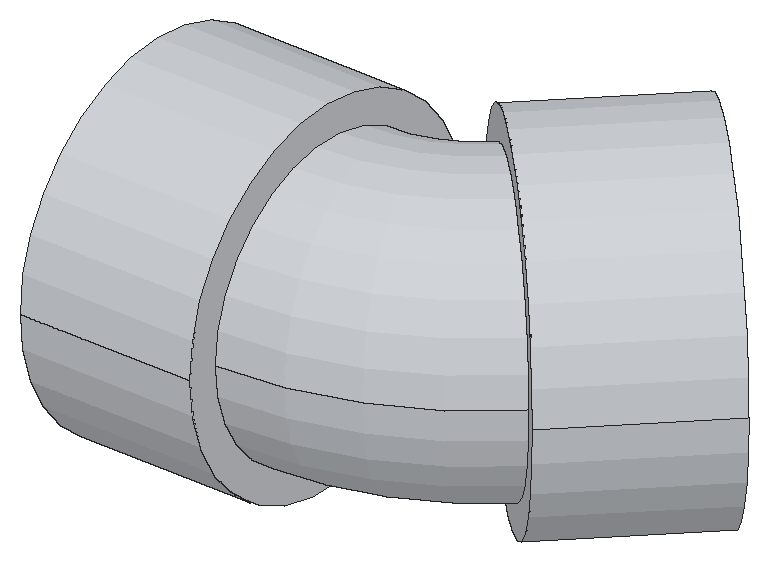
Revit family "Doppelmuffenbogen", category Rohrformteile, Revit 2020
Family settings
  Bemaßung runder Anschluss = Radius verwenden
  Teiletyp = Bogen
  OmniClass-Nummer = 23.60.30.11.14
  OmniClass-Titel = Pipework Fittings
  Arbeitsebenenbasiert = Nein
  Immer vertikal = Ja
  Beim Laden mit Abzugskörper schneiden = Nein
  Gemeinsam genutzt = Nein
Parameters (values of type "Standard")
  € [instance] = size_lookup("Alpe_Abruftabelle", "Ausgabe1Euro", 0, Nenndurchmesser, Winkel)  # 270.32
  max d1d2d3 [instance] = Nenndurchmesser  # 100 mm
  kg [instance] = size_lookup("Alpe_Abruftabelle", "Ausgabe2kg", 0.00 kg, Nenndurchmesser, Winkel)  # 11.20 kg
  Vorgabe-Ansicht = 0 mm
  Radius Muffe [instance] = size_lookup("PressConnector", "Rad1", 0.52 * Nenndurchmesser + 2.5 mm, Nenndurchmesser)  # 61 mm
  Oberfläche [instance] = none
  DN [instance] = Nenndurchmesser  # 100 mm
  Abruftabelle Bogen = "Bogen Edelstahl Press"  # constant formula
  Muffenlänge [instance] = size_lookup("PressConnector", "Lgt1", 0.46 * Nenndurchmesser + 16 mm, Nenndurchmesser)  # 60 mm
  Nennradius [instance] = 50 mm
  Nenndurchmesser [instance] = Nennradius * 2  # 100 mm
  Verlustberechnungsmethode = K-Koeffizient aus Tabelle
  K-Koeffizient-Tabelle = "Regular 45, 90 and 180 Elbow"
  Abstand Mittelpunkt Ende [instance] = Bogenradius * tan(Winkel / 2)  # 28.167 mm
  Bogenradius [instance] = if(not(Winkel > 1.00°), 45 mm, size_lookup(Abruftabelle Bogen, "CRad", 1.39 * Nenndurchmesser + 8.9 mm, Nenndurchmesser, Winkel))  # 68 mm
  Winkel [instance] = 45.00°
  #strg [instance] = size_lookup("Alpe_Abruftabelle", "Ausgabe3Nummer", 0, Nenndurchmesser, Winkel)  # 10045
  # [instance] = if(#strg = 10011, "FUCHSMMK10011", if(#strg = 10022, "FUCHSMMK10022", if(#strg = 10030, "FUCHSMMK10030", if(#strg = 10045, "FUCHSMMK10045", if(#strg = 10090, "FUCHSMMQ10090", if(#strg = 12511, "FUCHSMMK12511", if(#strg = 12522, "FUCHSMMK12522", if(#strg = 12530, "FUCHSMMK12530", if(#strg = 12545, "FUCHSMMK12545", if(#strg = 12590, "FUCHSMMQ12590", if(#strg = 15011, "FUCHSMMK15011", if(#strg = 15022, "FUCHSMMK15022", if(#strg = 15030, "FUCHSMMK15030", if(#strg = 15045, "FUCHSMMK15045", if(#strg = 15090, "FUCHSMMQ15090", if(#strg = 20011, "FUCHSMMK20011", if(#strg = 20022, "FUCHSMMK20022", if(#strg = 20030, "FUCHSMMK20030", if(#strg = 20045, "FUCHSMMK20045", if(#strg = 20090, "FUCHSMMQ20090", if(#strg = 25011, "FUCHSMMK25011", if(#strg = 25022, "FUCHSMMK25022", if(#strg = 25030, "FUCHSMMK25030", if(#strg = 25045, "FUCHSMMK25045", if(#strg = 25090, "FUCHSMMQ25090", if(#strg = 30011, "FUCHSMMK30011", if(#strg = 30022, "FUCHSMMK30022", if(#strg = 30030, "FUCHSMMK30030", if(#strg = 30045, "FUCHSMMK30045", if(#strg = 30090, "FUCHSMMQ30090", "-"))))))))))))))))))))))))))))))  # "FUCHSMMK10045"
Reference planes
  plane 1 "Mitte (Vorne/hinten)": y = 0
  plane 2: z = 0
  plane 3 "Mitte (Links/rechts)": x = 0
  plane 4: x = -28.167
  plane 5: y = 68
  plane 6: x = -88.167
  plane 7: y = 61
Forms (mm)
  Sweep 1, solid, material <- "Oberfläche", detail levels fine
    path in 3D
      loop
        line (-88.167, 0, 0) -> (-28.167, 0, 0)
    profile origin (-58.167, 0, 0) x (0, 1, 0) y (0, 0, 1)
      loop
        circle (0, 0) r 61
  Sweep 2, solid, material <- "Oberfläche", detail levels fine
    path in 3D
      loop
        arc (-28.167, 0, 0) -> (-2.144, 5.176, 0) -> (19.917, 19.917, 0) r 68
    profile origin (-2.144, 5.176, 0) x (-0.382683, 0.92388, 0) y (0, 0, 1)
      loop
        circle (0, 0) r 50
  Sweep 3, solid, material <- "Oberfläche", detail levels fine
    path in 3D
      loop
        line (19.917, 19.917, 0) -> (62.343, 62.343, 0)
    profile origin (41.13, 41.13, 0) x (-0.707107, 0.707107, 0) y (0, 0, 1)
      loop
        circle (0, 0) r 61
Lines and regions (mm)
  reference lines
    curve 1: line (-88.167, 0, 0) -> (-28.167, 0, 0)
    curve 2: arc (-28.167, 0, 0) -> (-2.144, 5.176, 0) -> (19.917, 19.917, 0) r 68
    curve 3: line (19.917, 19.917, 0) -> (62.343, 62.343, 0)
    curve 19: line (62.343, 62.343, 0) -> (19.21, 105.477, 0)
    curve 20: line (19.21, 105.477, 0) -> (5.067, 91.335, 0)
  sketch lines
    curve 4: line (-88.167, 0, 0) -> (-28.167, 0, 0)
    curve 5: arc (-28.167, 0, 0) -> (-2.144, 5.176, 0) -> (19.917, 19.917, 0) r 68
    curve 6: line (19.917, 19.917, 0) -> (62.343, 62.343, 0)
  model lines, detail levels coarse+medium
    curve 7: line (-88.167, 0, 0) -> (-28.167, 0, 0)
    curve 8: arc (-28.167, 0, 0) -> (-2.144, 5.176, 0) -> (19.917, 19.917, 0) r 68
    curve 9: line (19.917, 19.917, 0) -> (62.343, 62.343, 0)
    curve 10: line (-88.167, 50, 0) -> (-88.167, -50, 0)
    curve 11: line (26.988, 97.698, 0) -> (97.698, 26.988, 0)
  model lines, style "Symbol", detail levels coarse+medium
    curve 12: line (-88.167, 0, 0) -> (-28.167, 0, 0)
    curve 13: arc (-28.167, 0, 0) -> (-2.144, 5.176, 0) -> (19.917, 19.917, 0) r 68
    curve 14: line (19.917, 19.917, 0) -> (62.343, 62.343, 0)
    curve 15: line (-88.167, 0, 50) -> (-88.167, 0, -50)
    curve 16: line (-88.167, 50, 0) -> (-88.167, -50, 0)
    curve 17: line (26.988, 97.698, 0) -> (97.698, 26.988, 0)
    curve 18: line (62.343, 62.343, 50) -> (62.343, 62.343, -50)
Dimensions and locks
  "Abstand Mittelpunkt Ende": plane 4 to plane 3 "Mitte (Links/rechts)"
  "Bogenradius": plane 5 to plane 1 "Mitte (Vorne/hinten)"
  "Muffenlänge": plane 6 to plane 4
  "Muffenlänge": curve 3 to curve 3
  locked: plane 5 to curve 2
  locked: plane 4 to curve 2
  "Muffenlänge": curve 9 to curve 9
  equal spacing: curve 10, plane 1 "Mitte (Vorne/hinten)", curve 10
  "Nennradius": plane 1 "Mitte (Vorne/hinten)" to curve 10
  equal spacing: curve 11, curve 9, curve 11
  "Nennradius": curve 11 to curve 9
  "Muffenlänge": curve 14 to curve 14
  equal spacing: curve 15, plane 2, curve 15
  "Nennradius": curve 15 to plane 2
  equal spacing: curve 16, plane 1 "Mitte (Vorne/hinten)", curve 16
  "Nennradius": plane 1 "Mitte (Vorne/hinten)" to curve 16
  equal spacing: curve 17, curve 14, curve 17
  "Nennradius": curve 14 to curve 17
  locked: curve 14 to curve 18
  equal spacing: curve 18, curve 17, curve 18
  "Nennradius": curve 17 to curve 18
  "Radius Muffe": curve 19 to curve 19
  "Radius Muffe": plane 1 "Mitte (Vorne/hinten)" to plane 7
  "Bogenradius": radius of curve 2
  "Radius Muffe": radius of Sweep 1 sketch curve
  "Nennradius": radius of Sweep 2 sketch curve
  "Radius Muffe": radius of Sweep 3 sketch curve
  "Bogenradius": radius of curve 8
  "Bogenradius": radius of curve 13
  "Winkel": angle curve 2 to curve 2
  "Winkel": angle plane 1 "Mitte (Vorne/hinten)" to curve 3
  "Winkel": angle curve 8 to curve 8
  "Winkel": angle plane 1 "Mitte (Vorne/hinten)" to curve 9
  locked: curve 9 to curve 11 (angle 90.00°)
  "Winkel": angle curve 13 to curve 13
  "Winkel": angle plane 1 "Mitte (Vorne/hinten)" to curve 14
  angle curve 17 to curve 14 = 90.00°
  aligned and locked: plane 6 to curve 1
  aligned and locked: plane 1 "Mitte (Vorne/hinten)" to curve 1
  aligned and locked: plane 4 to curve 2
  aligned and locked: plane 6 to curve 7
  aligned and locked: plane 1 "Mitte (Vorne/hinten)" to curve 7
  aligned and locked: curve 10 to plane 6
  aligned and locked: plane 1 "Mitte (Vorne/hinten)" to curve 12
  aligned and locked: plane 4 to curve 13
  aligned and locked: curve 15 to plane 6
  aligned and locked: curve 16 to plane 6
  aligned and locked: curve 3 to curve 19
  aligned and locked: curve 19 to curve 20
Automatic sketch dimensions
  curve 20 to curve 19 = 0 mm
  curve 19 to curve 20 = 20 mm
  Sweep 1 sketch curve to profile plane = 0 mm  (x2)
  Sweep 2 sketch curve to profile plane = 0 mm
  profile plane to Sweep 2 sketch curve = 0 mm
  Sweep 3 sketch curve to profile plane = 0 mm
  profile plane to Sweep 3 sketch curve = 0 mm
  curve 19 to curve 3 = 0 mm
Connectors
  piping at (-88.167, 0, 0), diameter 100, driven by "Nennradius", driven by "Winkel"
    settings: on Sweep 1, index 1, connector inside diameter 40 mm, connector length 0 mm, flow factor 0, pipe flow 0.0 L/s, pressure drop 0.0 Pa, fitting loss kfactor 0, connector angle 45.00°, fixture units 0, engagement length 0 mm, angle of deflection 0.00°, flow configuration 0, flow direction 0, fitting loss method 0, system type 28, joint type 0, gender type 0, connector reference index 2, connector utility 0, adjustable connector no, is connector primary yes, connector description ""
  piping at (62.343, 62.343, 0), diameter 100, driven by "Nennradius", driven by "Winkel"
    settings: on Sweep 3, index 2, connector inside diameter 40 mm, connector length 0 mm, flow factor 0, pipe flow 0.0 L/s, pressure drop 0.0 Pa, fitting loss kfactor 0, connector angle 45.00°, fixture units 0, engagement length 0 mm, angle of deflection 0.00°, flow configuration 0, flow direction 0, fitting loss method 0, system type 28, joint type 0, gender type 0, connector reference index 1, connector utility 0, adjustable connector no, is connector primary no, connector description ""
